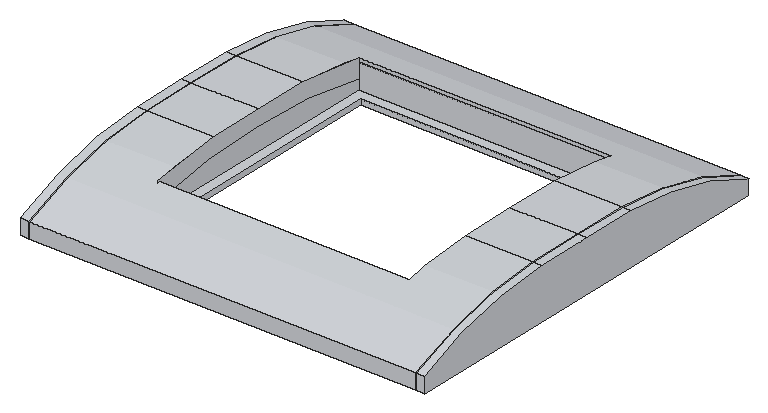
Revit family "Gira_1002761", category Electrical Fixtures, host Face, Revit 2017
Family settings
  Host = Face
  Maintain Annotation Orientation = No
  Round Connector Dimension = Use Diameter
  Part Type = Normal
  Cut with Voids When Loaded = No
  Shared = No
  Room Calculation Point = No
Parameters (values of type "Cov.fr. 2-g w/o cb interm.fr. CW Gira Event Clear brown")
  With mounting grid = "No"
  With hinged lid = "No"
  URL = "http://katalog.gira.de/en/datenblatt.html?artikelnr=1002761"
  Type of fastening = "Clamp mounting"
  Transparent = "No"
  Surface protection = "Other"
  Surface finishing = "Glossy"
  Suitable for wall duct = "No"
  Suitable for flush-mounted installation = "Yes"
  Suitable for floor box = "No"
  Suitable for built-in installation = "No"
  Number of units vertical = "2"
  Number of units horizontal = "2"
  Number of units = "2"
  Name = "Cov.fr. 2-g w/o cb interm.fr. CW Gira Event Clear brown"
  Mounting direction = "Horizontal and vertical"
  Material quality = "Thermoplastic"
  Material = "Plastic"
  Manufacturer URL = "https://www.gira.de/"
  Manufacturer = "Gira"
  Label space/information surface = "No"
  Keynote = ""
  HeinzeBIM = "https://bimportal.heinze.de/bim/cov-fr-2-g-w-o-cb-interm-fr-cw-gira-event-clear-brown/064c5afab90e9a708fec0d46e3b971855c0c5eb3"
  Halogen free = "Yes"
  HAN = "1002761"
  GTIN = "4010337070641"
  Description = "Cov.fr.2g w o cb i.fr.CW EvCl BN,Gira Event Clear cover frame,brown with cream white glossy intermediate frame,2-gang without crossbar,Features:,- Shatter-proof."
  Degree of protection (IP) = "IP20"
  Default Elevation = 1219.2 mm
  Data sheet (1) = "https://katalog.gira.de/en/download.html?artikelnr=1002761"
  Colour = "Brown"
  Category = "Cover frame for domestic switching devices"
  BIM (1) = "https://media.stage.bim.site/public/gira/36a6b08/Event_Rahmen_2fach o.Mittelsteg.rfa?public/gira/36a6b08/Event_Rahmen_2fach o.Mittelsteg.rfa"
  Available = "No"
Reference planes
  plane 1 "Center (Front/Back)": y = 0
  plane 2: z = 0
  plane 3 "Center (Left/Right)": x = 0
Forms (mm)
  Extrusion 1, solid, detail levels fine
    sketch origin (0, 0, 1.55) x (0, 1, 0) y (0, 0, 1)
      loop
        arc (12.445, 9.683) -> (6.223, 9.833) -> (0, 9.85) r 291.636
        arc (0, 9.85) -> (-6.223, 9.833) -> (-12.445, 9.683) r 291.636
        arc (-12.445, 9.683) -> (-29.14, 7.482) -> (-45, 1.823) r 79.728
        line (-45, 1.823) -> (-45, -1.55) -> (-41.777, -1.55) -> (-41.777, -0.55)
        arc (-41.777, -0.55) -> (-21.205, 4.846) -> (0, 6.467) r 118.15
        arc (0, 6.467) -> (21.205, 4.846) -> (41.777, -0.55) r 118.15
        line (41.777, -0.55) -> (41.777, -1.55) -> (45, -1.55) -> (45, 1.823)
        arc (45, 1.823) -> (29.14, 7.482) -> (12.445, 9.683) r 79.728
    from -43 to 43
  Extrusion 2, void, detail levels fine
    sketch origin (0, 0, 0) x (1, 0, 0) y (0, 1, 0)
      loop
        line (-28, -28) -> (28, -28) -> (28, 28) -> (-28, 28) -> (-28, -28)
    from 2.85 to 12
  Extrusion 3, solid, detail levels coarse
    sketch origin (0, 0, 0) x (1, 0, 0) y (0, 1, 0)
      loop
        line (-45, 45) -> (-45, -45) -> (45, -45) -> (45, 45) -> (-45, 45)
    from 0 to 11.4
  Extrusion 4, solid, detail levels medium
    sketch origin (0, 0, 1.55) x (0, 1, 0) y (0, 0, 1)
      loop
        arc (12.445, 9.683) -> (6.223, 9.833) -> (0, 9.85) r 291.636
        arc (0, 9.85) -> (-6.223, 9.833) -> (-12.445, 9.683) r 291.636
        arc (-12.445, 9.683) -> (-29.14, 7.482) -> (-45, 1.823) r 79.728
        line (-45, 1.823) -> (-45, -1.55) -> (45, -1.55) -> (45, 1.823)
        arc (45, 1.823) -> (29.14, 7.482) -> (12.445, 9.683) r 79.728
    from -45 to 45
  Extrusion 5, solid, detail levels fine
    sketch origin (0, 0, 0) x (0, 1, 0) y (0, 0, 1)
      loop
        arc (45, 3.373) -> (29.14, 9.032) -> (12.445, 11.233) r 79.728
        arc (12.445, 11.233) -> (6.223, 11.383) -> (0, 11.4) r 291.636
        arc (0, 11.4) -> (-6.223, 11.383) -> (-12.445, 11.233) r 291.636
        arc (-12.445, 11.233) -> (-29.14, 9.032) -> (-45, 3.373) r 79.728
        line (-45, 3.373) -> (-45, 0) -> (45, 0) -> (45, 3.373)
    from 43 to 45
  Extrusion 6, solid, detail levels fine
    sketch origin (0, 0, 0) x (0, 1, 0) y (0, 0, -1)
      loop
        line (45, -3.373) -> (45, 0) -> (-45, 0) -> (-45, -3.373)
        arc (-45, -3.373) -> (-29.14, -9.032) -> (-12.445, -11.233) r 79.728
        arc (-12.445, -11.233) -> (-6.223, -11.383) -> (0, -11.4) r 291.636
        arc (0, -11.4) -> (6.223, -11.383) -> (12.445, -11.233) r 291.636
        arc (12.445, -11.233) -> (29.14, -9.032) -> (45, -3.373) r 79.728
    from 43 to 45
  Extrusion 7, solid, detail levels fine
    sketch origin (0, 0, 0) x (1, 0, 0) y (0, 1, 0)
      loop
        line (-25.7, 25.7) -> (-25.7, -25.7) -> (25.7, -25.7) -> (25.7, 25.7) -> (-25.7, 25.7)
      loop
        line (-29.495, 27.895) -> (-29.495, -27.895)
        spline (-29.495, -27.895) -> (-29.486, -28.025) -> (-29.461, -28.154) -> (-29.419, -28.278) -> (-29.361, -28.395) -> (-29.288, -28.504) -> (-29.202, -28.602) -> (-29.104, -28.688) -> (-28.995, -28.761) -> (-28.878, -28.819) -> (-28.754, -28.861) -> (-28.625, -28.886) -> (-28.495, -28.895)
        line (-28.495, -28.895) -> (28.495, -28.895)
        spline (28.495, -28.895) -> (28.625, -28.886) -> (28.754, -28.861) -> (28.878, -28.819) -> (28.995, -28.761) -> (29.104, -28.688) -> (29.202, -28.602) -> (29.288, -28.504) -> (29.361, -28.395) -> (29.419, -28.278) -> (29.461, -28.154) -> (29.486, -28.025) -> (29.495, -27.895)
        line (29.495, -27.895) -> (29.495, 27.895)
        spline (29.495, 27.895) -> (29.486, 28.025) -> (29.461, 28.154) -> (29.419, 28.278) -> (29.361, 28.395) -> (29.288, 28.504) -> (29.202, 28.602) -> (29.104, 28.688) -> (28.995, 28.761) -> (28.878, 28.819) -> (28.754, 28.861) -> (28.625, 28.886) -> (28.495, 28.895)
        line (28.495, 28.895) -> (-28.495, 28.895)
        spline (-28.495, 28.895) -> (-28.625, 28.886) -> (-28.754, 28.861) -> (-28.878, 28.819) -> (-28.995, 28.761) -> (-29.104, 28.688) -> (-29.202, 28.602) -> (-29.288, 28.504) -> (-29.361, 28.395) -> (-29.419, 28.278) -> (-29.461, 28.154) -> (-29.486, 28.025) -> (-29.495, 27.895)
    from 1.673 to 8.5
Cuts and joins
  Extrusion 2 cuts Extrusion 1
  Extrusion 2 cuts Extrusion 7
Dimensions and locks
  aligned and locked: plane 2 to host face
  aligned and locked: level to host face
